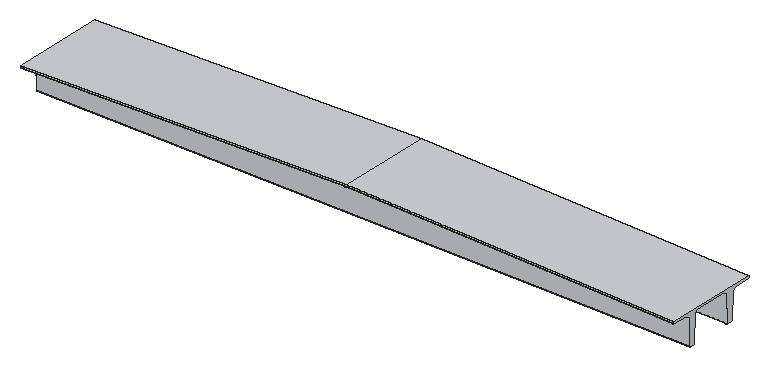
Revit family "Ribbeelement - RTP", category Structural Framing, Revit 2019
Family settings
  Section Shape = Not Defined
  Material for Model Behavior = Other
  Always export as geometry = No
  OmniClass Number = 23.25.30.11.14.14
  OmniClass Title = Beams
  Always vertical = Yes
  Cut with Voids When Loaded = No
  Symbolic Representation = From Family
  Shared = No
  Show family pre-cut in plan views = Yes
Parameters (values of type "RTPA 102")
  _LengthHandle [instance] = 16700 mm
  _Length [instance] = if(Length Max < _LengthHandle, Length Max, _LengthHandle)  # 16700 mm
  _KipDisplacementPos [instance] = if(and(_KipDisplacement > 0 mm, Length / 2 > abs(_KipDisplacement)), abs(_KipDisplacement), 0 mm)  # 0 mm
  _KipDisplacement [instance] = if(Kipforskydning Maks < Kipforskydning, Kipforskydning Maks, if(Kipforskydning Min > Kipforskydning, Kipforskydning Min, Kipforskydning))  # 0 mm
  _KipDisplacementNeg [instance] = if(and(_KipDisplacement < 0 mm, Length / 2 > abs(_KipDisplacement)), abs(_KipDisplacement), 0 mm)  # 0 mm
  Ribbe CC Afstand = if(Tværsnit RTPA, 1200 mm, 1800 mm)  # 1200 mm
  Pladetykkelse Standard = 60 mm  # constant formula
  Pladetykkelse = 60 mm
  Pladebredde 2 = 1196 mm
  Pladebredde 1 = 1196 mm
  Model = if(Tværsnit RTPA, "RTPA", "RTPB")  # "RTPA"
  Tværsnit RTPB = not(Tværsnit RTPA)  # no
  Tværsnit RTPA = yes
  Length Max = if(Tværsnit RTPA, if(Højde Standard < 900 mm, 24300 mm, if(Højde Standard < 1020 mm, 33400 mm, 36300 mm)), if(Højde Standard < 900 mm, 24360 mm, if(Højde Standard < 1020 mm, 32000 mm, 36000 mm)))  # 36300 mm
  Kipforskydning Min [instance] = -(Length Max - Length) / 2  # -9550 mm
  Kipforskydning Maks [instance] = (Length Max - Length) / 2  # 9550 mm
  Kipforskydning [instance] = 0 mm
  Højde Standard = 1020 mm
  CRH_RFA_TimeStamp_LastSave = 20200901  # constant formula
  CRH_RFA_TimeStamp_LastRelease = 20200901  # constant formula
  CRH_RFA_Bruger_LastSave = "KVN"  # constant formula
  CRH_RFA_Bruger_LastRelease = "KVN"  # constant formula
  Bredde = Pladebredde 1 + Pladebredde 2  # 2392 mm
  Structural Material [instance] = (empty or 0)
  Manufacturer = "CRH Concrete"  # constant formula
  Length [instance] = 17200 mm
  Højde = Højde Standard - Pladetykkelse Standard + Pladetykkelse  # 1020 mm
Types (9, lengths in mm): name | Ribbe CC Afstand | Model | Tværsnit RTPB | Tværsnit RTPA | Length Max | Kipforskydning Min | Kipforskydning Maks | Højde Standard | Højde
  (no name) | 1200 | "RTPA" | no | yes | 36300 | -9550 | 9550 | 1020 | 1020
  RTPA 102 | 1200 | "RTPA" | no | yes | 36300 | -9550 | 9550 | 1020 | 1020
  RTPA 72 | 1200 | "RTPA" | no | yes | 24300 | -3550 | 3550 | 720 | 720
  RTPA 90 | 1200 | "RTPA" | no | yes | 33400 | -8100 | 8100 | 900 | 900
  RTPA 60 | 1200 | "RTPA" | no | yes | 24300 | -3550 | 3550 | 600 | 600
  RTPB 102 | 1800 | "RTPB" | yes | no | 36000 | -9400 | 9400 | 1020 | 1020
  RTPB 90 | 1800 | "RTPB" | yes | no | 32000 | -7400 | 7400 | 900 | 900
  RTPB 72 | 1800 | "RTPB" | yes | no | 24360 | -3580 | 3580 | 720 | 720
  RTPB 60 | 1800 | "RTPB" | yes | no | 24360 | -3580 | 3580 | 600 | 600
Reference planes
  plane 1 "Center (Front/Back)": y = 0
  plane 2 "Center Elevation": z = 0
  plane 3 "Center (Left/Right)": x = 0
  plane 4 "Left": x = -8600
  plane 5 "Member Left": x = -8350
  plane 6 "Stick Symbol Left": x = -8100
  plane 7 "Right": x = 8600
  plane 8 "Member Right": x = 8350
  plane 9 "Stick Symbol Right": x = 8100
  plane 10: y = 600
  plane 11: y = -600
  plane 12 "Left Adjusted": x = -8350
  plane 13 "Right Adjusted": x = 8350
  plane 14 "Kip": x = 0
  plane 15 "Kip Negative": x = 0
Lines and regions (mm)
  model lines, style "Stick Symbols", not visible, detail levels coarse
    curve 1: line (-8100, 0, 0) -> (8100, 0, 0)
Dimensions and locks
  equal spacing: plane 5 "Member Left", plane 3 "Center (Left/Right)", plane 8 "Member Right"
  "Length": plane 4 "Left" to plane 7 "Right"
  equal spacing: plane 10, plane 1 "Center (Front/Back)", plane 11
  "Ribbe CC Afstand": plane 10 to plane 11
  "_LengthHandle": plane 5 "Member Left" to plane 8 "Member Right"
  equal spacing: plane 12 "Left Adjusted", plane 3 "Center (Left/Right)", plane 13 "Right Adjusted"
  "_Length": plane 12 "Left Adjusted" to plane 13 "Right Adjusted"
  "_KipDisplacementNeg": plane 3 "Center (Left/Right)" to plane 15 "Kip Negative"
  "_KipDisplacementPos": plane 14 "Kip" to plane 3 "Center (Left/Right)"
  aligned and locked: plane 1 "Center (Front/Back)" to curve 1
  aligned and locked: plane 6 "Stick Symbol Left" to curve 1
  aligned and locked: plane 9 "Stick Symbol Right" to curve 1
  aligned and locked: plane 2 "Center Elevation" to level
  aligned and locked: nested 1 to plane 12 "Left Adjusted"
  aligned and locked: nested 1 to plane 13 "Right Adjusted"
  aligned and locked: nested 2 to plane 12 "Left Adjusted"
  aligned and locked: nested 2 to plane 13 "Right Adjusted"
  aligned and locked: plane 1 "Center (Front/Back)" to nested 2
  aligned and locked: plane 1 "Center (Front/Back)" to nested 1
Nested families
  nested 1: "xNested - Geometry RTPA" at (0, 0, 0), visible <- "Tværsnit RTPA", type "xNested - Geometry RTPA"
    with _OffsetSection -1020 mm, _KipPositive 0 mm, _KipNegative 0 mm, _Kip Displacement 0 mm, _HeightSection2 811.25 mm, _HeightSection1 1020 mm, _HeightSection0 811.25 mm, Structural Material (empty or 0), Length 16700 mm, Kip Displacement Max 9800 mm, Length Max 36300 mm, Height 1020 mm
  nested 2: "xNested - Geometry RTPB" at (0, 0, 0), visible <- "Tværsnit RTPB", type "xNested - Geometry RTPB"
    with _OffsetSection -1020 mm, _KipPositive 0 mm, _KipNegative 0 mm, _Kip Displacement 0 mm, _HeightSection2 811.25 mm, _HeightSection1 1020 mm, _HeightSection0 811.25 mm, Structural Material (empty or 0), Length 16700 mm, Kip Displacement Max 9800 mm, Length Max 36300 mm, Height 1020 mm
Definition of nested family "xNested - Geometry RTPA"
  Parameters (values of type "xNested - Geometry RTPA")
    _PlateSlope = 1 / 40  # 0.025
    _OffsetSection [instance] = -Height  # -600 mm
    _KipPositive [instance] = if(and(_Kip Displacement > 0 mm, Length / 2 > abs(_Kip Displacement)), abs(_Kip Displacement), 0 mm)  # 0 mm
    _KipNegative [instance] = if(and(_Kip Displacement < 0 mm, Length / 2 > abs(_Kip Displacement)), abs(_Kip Displacement), 0 mm)  # 0 mm
    _Kip Displacement [instance] = if(Kip Displacement Max < Kip Displacement, Kip Displacement Max, if(-Kip Displacement Max > Kip Displacement, -Kip Displacement Max, Kip Displacement))  # 0 mm
    Structural Material [instance] = (empty or 0)
    _HeightSection2 [instance] = Height - if(Length / 2 > abs(_Kip Displacement), (Length / 2 + _Kip Displacement) * _PlateSlope, (abs(_Kip Displacement) - Length / 2 + if(_Kip Displacement > 0 mm, Length, 0 mm)) * _PlateSlope)  # 385 mm
    _HeightSection1 [instance] = if(Length / 2 > abs(_Kip Displacement), Height, (_HeightSection0 + _HeightSection2) / 2)  # 600 mm
    _HeightSection0 [instance] = Height - if(Length / 2 > abs(_Kip Displacement), (Length / 2 - _Kip Displacement) * _PlateSlope, (abs(_Kip Displacement) - Length / 2 + if(_Kip Displacement > 0 mm, 0 mm, Length)) * _PlateSlope)  # 385 mm
    Plate Width 2 = 1196 mm
    Plate Width 1 = 1196 mm
    Plate Thickness = 60 mm
    Length Max = 24300 mm
    Length [instance] = 17200 mm
    Kip Displacement Max [instance] = (Length Max - Length) / 2  # 3550 mm
    Kip Displacement = 0 mm
    Height = 600 mm
  Reference planes
    plane 1 "Center (Front/Back)": y = 0
    plane 2: z = 0
    plane 3 "Center (Left/Right)": x = 0
    plane 4 "Left": x = -8600
    plane 5 "Right": x = 8600
    plane 6 "Kip Positive": x = 0
    plane 7 "Kip Negative": x = 0
  Forms (mm)
    SweptBlend 1, solid
      path origin (0, 0, 0) x (1, 0, 0) y (0, 1, 0)
        loop
          line (-8600, 0) -> (0, 0)
      profile "Profile-RTPA : Left" origin (-8600, 0, 0) x (0, 1, 0) y (0, 0, 1)
        loop
          line (-1196, -215) -> (-1196, -265) -> (-1186, -275) -> (-776, -275) -> (-676, -325) -> (-665.417, -589.583) -> (-655, -600) -> (-545, -600) -> (-534.583, -589.583) -> (-523.6, -315) -> (-423.6, -265) -> (423.6, -265) -> (523.6, -315) -> (534.583, -589.583) -> (545, -600) -> (655, -600) -> (665.417, -589.583) -> (676, -325) -> (776, -275) -> (1186, -275) -> (1196, -265) -> (1196, -215) -> (-1196, -215)
      end profile "Profile-RTPA : Center" origin (0, 0, 0) x (0, 1, 0) y (0, 0, 1)
        loop
          line (-1196, 0) -> (-1196, -50) -> (-1186, -60) -> (-784.6, -60) -> (-684.6, -110) -> (-665.417, -589.583) -> (-655, -600) -> (-545, -600) -> (-534.583, -589.583) -> (-515, -100) -> (-415, -50) -> (415, -50) -> (515, -100) -> (534.583, -589.583) -> (545, -600) -> (655, -600) -> (665.417, -589.583) -> (684.6, -110) -> (784.6, -60) -> (1186, -60) -> (1196, -50) -> (1196, 0) -> (-1196, 0)
    SweptBlend 2, solid
      path origin (0, 0, 0) x (1, 0, 0) y (0, 1, 0)
        loop
          line (0, 0) -> (8600, 0)
      profile "Profile-RTPA : Center" origin (0, 0, 0) x (0, 1, 0) y (0, 0, 1)
        loop
          line (-1196, 0) -> (-1196, -50) -> (-1186, -60) -> (-784.6, -60) -> (-684.6, -110) -> (-665.417, -589.583) -> (-655, -600) -> (-545, -600) -> (-534.583, -589.583) -> (-515, -100) -> (-415, -50) -> (415, -50) -> (515, -100) -> (534.583, -589.583) -> (545, -600) -> (655, -600) -> (665.417, -589.583) -> (684.6, -110) -> (784.6, -60) -> (1186, -60) -> (1196, -50) -> (1196, 0) -> (-1196, 0)
      end profile "Profile-RTPA : Right" origin (8600, 0, 0) x (0, 1, 0) y (0, 0, 1)
        loop
          line (-1196, -215) -> (-1196, -265) -> (-1186, -275) -> (-776, -275) -> (-676, -325) -> (-665.417, -589.583) -> (-655, -600) -> (-545, -600) -> (-534.583, -589.583) -> (-523.6, -315) -> (-423.6, -265) -> (423.6, -265) -> (523.6, -315) -> (534.583, -589.583) -> (545, -600) -> (655, -600) -> (665.417, -589.583) -> (676, -325) -> (776, -275) -> (1186, -275) -> (1196, -265) -> (1196, -215) -> (-1196, -215)
  Cuts and joins
    joined: SweptBlend 1, SweptBlend 2
  Dimensions and locks
    equal spacing: plane 4 "Left", plane 3 "Center (Left/Right)", plane 5 "Right"
    "Length": plane 4 "Left" to plane 5 "Right"
    "_KipNegative": plane 3 "Center (Left/Right)" to plane 7 "Kip Negative"
    "_KipPositive": plane 6 "Kip Positive" to plane 3 "Center (Left/Right)"
    aligned and locked: plane 2 to level
    aligned and locked: plane 4 "Left" to SweptBlend 1 sketch curve
    aligned and locked: plane 5 "Right" to SweptBlend 2 sketch curve
    aligned and locked: plane 6 "Kip Positive" to SweptBlend 1 sketch curve
    aligned and locked: plane 6 "Kip Positive" to SweptBlend 2 sketch curve
  Automatic sketch dimensions
    plane 1 "Center (Front/Back)" to SweptBlend 1 sketch curve = 0 mm
    plane 1 "Center (Front/Back)" to SweptBlend 2 sketch curve = 0 mm
Definition of nested family "xNested - Geometry RTPB"
  Parameters (values of type "xNested - Geometry RTPB")
    _PlateSlope = 1 / 40  # 0.025
    _OffsetSection [instance] = -Height  # -600 mm
    _KipPositive [instance] = if(and(_Kip Displacement > 0 mm, Length / 2 > abs(_Kip Displacement)), abs(_Kip Displacement), 0 mm)  # 0 mm
    _KipNegative [instance] = if(and(_Kip Displacement < 0 mm, Length / 2 > abs(_Kip Displacement)), abs(_Kip Displacement), 0 mm)  # 0 mm
    _Kip Displacement [instance] = if(Kip Displacement Max < Kip Displacement, Kip Displacement Max, if(-Kip Displacement Max > Kip Displacement, -Kip Displacement Max, Kip Displacement))  # 0 mm
    Structural Material [instance] = (empty or 0)
    _HeightSection2 [instance] = Height - if(Length / 2 > abs(_Kip Displacement), (Length / 2 + _Kip Displacement) * _PlateSlope, (abs(_Kip Displacement) - Length / 2 + if(_Kip Displacement > 0 mm, Length, 0 mm)) * _PlateSlope)  # 385 mm
    _HeightSection1 [instance] = if(Length / 2 > abs(_Kip Displacement), Height, (_HeightSection0 + _HeightSection2) / 2)  # 600 mm
    _HeightSection0 [instance] = Height - if(Length / 2 > abs(_Kip Displacement), (Length / 2 - _Kip Displacement) * _PlateSlope, (abs(_Kip Displacement) - Length / 2 + if(_Kip Displacement > 0 mm, 0 mm, Length)) * _PlateSlope)  # 385 mm
    Plate Width 2 = 1196 mm
    Plate Width 1 = 1196 mm
    Plate Thickness = 60 mm
    Length Max = 24300 mm
    Length [instance] = 17200 mm
    Kip Displacement Max [instance] = (Length Max - Length) / 2  # 3550 mm
    Kip Displacement = 0 mm
    Height = 600 mm
  Reference planes
    plane 1 "Center (Front/Back)": y = 0
    plane 2: z = 0
    plane 3 "Center (Left/Right)": x = 0
    plane 4 "Left": x = -8600
    plane 5 "Right": x = 8600
    plane 6 "Kip Positive": x = 0
    plane 7 "Kip Negative": x = 0
  Forms (mm)
    SweptBlend 1, solid
      path origin (0, 0, 0) x (1, 0, 0) y (0, 1, 0)
        loop
          line (-8600, 0) -> (0, 0)
      profile "Profile-RTPB : Left" origin (-8600, 0, 0) x (0, 1, 0) y (0, 0, 1)
        loop
          line (-1196, -215) -> (-1196, -265) -> (-1186, -275) -> (-978, -275) -> (-965.417, -589.583) -> (-955, -600) -> (-845, -600) -> (-834.583, -589.583) -> (-822, -275) -> (-600, -275) -> (-590, -255) -> (590, -255) -> (600, -275) -> (822, -275) -> (834.583, -589.583) -> (845, -600) -> (955, -600) -> (965.417, -589.583) -> (978, -275) -> (1186, -275) -> (1196, -265) -> (1196, -215) -> (-1196, -215)
      end profile "Profile-RTPB : Center" origin (0, 0, 0) x (0, 1, 0) y (0, 0, 1)
        loop
          line (-1196, 0) -> (-1196, -50) -> (-1186, -60) -> (-986.6, -60) -> (-965.417, -589.583) -> (-955, -600) -> (-845, -600) -> (-834.583, -589.583) -> (-813.4, -60) -> (-600, -60) -> (-590, -40) -> (590, -40) -> (600, -60) -> (813.4, -60) -> (834.583, -589.583) -> (845, -600) -> (955, -600) -> (965.417, -589.583) -> (986.6, -60) -> (1186, -60) -> (1196, -50) -> (1196, 0) -> (-1196, 0)
    SweptBlend 2, solid
      path origin (0, 0, 0) x (1, 0, 0) y (0, 1, 0)
        loop
          line (0, 0) -> (8600, 0)
      profile "Profile-RTPB : Center" origin (0, 0, 0) x (0, 1, 0) y (0, 0, 1)
        loop
          line (-1196, 0) -> (-1196, -50) -> (-1186, -60) -> (-986.6, -60) -> (-965.417, -589.583) -> (-955, -600) -> (-845, -600) -> (-834.583, -589.583) -> (-813.4, -60) -> (-600, -60) -> (-590, -40) -> (590, -40) -> (600, -60) -> (813.4, -60) -> (834.583, -589.583) -> (845, -600) -> (955, -600) -> (965.417, -589.583) -> (986.6, -60) -> (1186, -60) -> (1196, -50) -> (1196, 0) -> (-1196, 0)
      end profile "Profile-RTPB : Right" origin (8600, 0, 0) x (0, 1, 0) y (0, 0, 1)
        loop
          line (-1196, -215) -> (-1196, -265) -> (-1186, -275) -> (-978, -275) -> (-965.417, -589.583) -> (-955, -600) -> (-845, -600) -> (-834.583, -589.583) -> (-822, -275) -> (-600, -275) -> (-590, -255) -> (590, -255) -> (600, -275) -> (822, -275) -> (834.583, -589.583) -> (845, -600) -> (955, -600) -> (965.417, -589.583) -> (978, -275) -> (1186, -275) -> (1196, -265) -> (1196, -215) -> (-1196, -215)
  Cuts and joins
    joined: SweptBlend 1, SweptBlend 2
  Dimensions and locks
    equal spacing: plane 4 "Left", plane 3 "Center (Left/Right)", plane 5 "Right"
    "Length": plane 4 "Left" to plane 5 "Right"
    "_KipNegative": plane 3 "Center (Left/Right)" to plane 7 "Kip Negative"
    "_KipPositive": plane 6 "Kip Positive" to plane 3 "Center (Left/Right)"
    aligned and locked: plane 2 to level
    aligned and locked: plane 4 "Left" to SweptBlend 1 sketch curve
    aligned and locked: plane 5 "Right" to SweptBlend 2 sketch curve
    aligned and locked: plane 6 "Kip Positive" to SweptBlend 1 sketch curve
    aligned and locked: plane 6 "Kip Positive" to SweptBlend 2 sketch curve
  Automatic sketch dimensions
    plane 1 "Center (Front/Back)" to SweptBlend 1 sketch curve = 0 mm
    plane 1 "Center (Front/Back)" to SweptBlend 2 sketch curve = 0 mm
